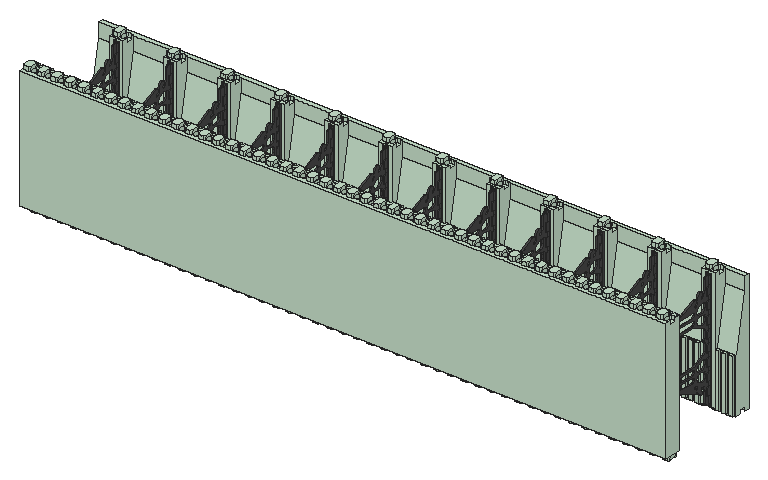
Revit family (continued)
Forms (in)
  Extrusion 172, solid, material "NUDURA Expanded Polystyrene Foam Insulation"
    sketch origin (0, 0, 0) x (1, 0, 0) y (0, 1, 0)
      loop
        line (6.28117, 3.25) -> (6.21883, 3) -> (6.78117, 3) -> (6.71883, 3.25) -> (6.28117, 3.25)
      loop
        line (7.28117, 3.25) -> (7.21883, 3) -> (7.78117, 3) -> (7.71883, 3.25) -> (7.28117, 3.25)
      loop
        line (8.28117, 3.25) -> (8.21883, 3) -> (8.78117, 3) -> (8.71883, 3.25) -> (8.28117, 3.25)
      loop
        line (9.28117, 3.25) -> (9.21883, 3) -> (9.78117, 3) -> (9.71883, 3.25) -> (9.28117, 3.25)
      loop
        line (10.28117, 3.25) -> (10.21883, 3) -> (10.78117, 3) -> (10.71883, 3.25) -> (10.28117, 3.25)
      loop
        line (13.28117, 3.25) -> (13.21883, 3) -> (13.78117, 3) -> (13.71883, 3.25) -> (13.28117, 3.25)
      loop
        line (14.28117, 3.25) -> (14.21883, 3) -> (14.78117, 3) -> (14.71883, 3.25) -> (14.28117, 3.25)
      loop
        line (15.28117, 3.25) -> (15.21883, 3) -> (15.78117, 3) -> (15.71883, 3.25) -> (15.28117, 3.25)
      loop
        line (16.28117, 3.25) -> (16.21883, 3) -> (16.78117, 3) -> (16.71883, 3.25) -> (16.28117, 3.25)
      loop
        line (17.28117, 3.25) -> (17.21883, 3) -> (17.78117, 3) -> (17.71883, 3.25) -> (17.28117, 3.25)
      loop
        line (18.28117, 3.25) -> (18.21883, 3) -> (18.78117, 3) -> (18.71883, 3.25) -> (18.28117, 3.25)
      loop
        line (21.28117, 3.25) -> (21.21883, 3) -> (21.78117, 3) -> (21.71883, 3.25) -> (21.28117, 3.25)
      loop
        line (22.28117, 3.25) -> (22.21883, 3) -> (22.78117, 3) -> (22.71883, 3.25) -> (22.28117, 3.25)
      loop
        line (23.28117, 3.25) -> (23.21883, 3) -> (23.78117, 3) -> (23.71883, 3.25) -> (23.28117, 3.25)
      loop
        line (24.28117, 3.25) -> (24.21883, 3) -> (24.78117, 3) -> (24.71883, 3.25) -> (24.28117, 3.25)
      loop
        line (25.28117, 3.25) -> (25.21883, 3) -> (25.78117, 3) -> (25.71883, 3.25) -> (25.28117, 3.25)
      loop
        line (26.28117, 3.25) -> (26.21883, 3) -> (26.78117, 3) -> (26.71883, 3.25) -> (26.28117, 3.25)
      loop
        line (29.28117, 3.25) -> (29.21883, 3) -> (29.78117, 3) -> (29.71883, 3.25) -> (29.28117, 3.25)
      loop
        line (30.28117, 3.25) -> (30.21883, 3) -> (30.78117, 3) -> (30.71883, 3.25) -> (30.28117, 3.25)
      loop
        line (31.28117, 3.25) -> (31.21883, 3) -> (31.78117, 3) -> (31.71883, 3.25) -> (31.28117, 3.25)
      loop
        line (32.28117, 3.25) -> (32.21883, 3) -> (32.78117, 3) -> (32.71883, 3.25) -> (32.28117, 3.25)
      loop
        line (33.28117, 3.25) -> (33.21883, 3) -> (33.78117, 3) -> (33.71883, 3.25) -> (33.28117, 3.25)
      loop
        line (34.28117, 3.25) -> (34.21883, 3) -> (34.78117, 3) -> (34.71883, 3.25) -> (34.28117, 3.25)
      loop
        line (37.28117, 3.25) -> (37.21883, 3) -> (37.78117, 3) -> (37.71883, 3.25) -> (37.28117, 3.25)
      loop
        line (38.28117, 3.25) -> (38.21883, 3) -> (38.78117, 3) -> (38.71883, 3.25) -> (38.28117, 3.25)
      loop
        line (39.28117, 3.25) -> (39.21883, 3) -> (39.78117, 3) -> (39.71883, 3.25) -> (39.28117, 3.25)
      loop
        line (40.28117, 3.25) -> (40.21883, 3) -> (40.78117, 3) -> (40.71883, 3.25) -> (40.28117, 3.25)
      loop
        line (41.28117, 3.25) -> (41.21883, 3) -> (41.78117, 3) -> (41.71883, 3.25) -> (41.28117, 3.25)
      loop
        line (42.28117, 3.25) -> (42.21883, 3) -> (42.78117, 3) -> (42.71883, 3.25) -> (42.28117, 3.25)
      loop
        line (45.28117, 3.25) -> (45.21883, 3) -> (45.78117, 3) -> (45.71883, 3.25) -> (45.28117, 3.25)
      loop
        line (46.28117, 3.25) -> (46.21883, 3) -> (46.78117, 3) -> (46.71883, 3.25) -> (46.28117, 3.25)
      loop
        line (47.28117, 3.25) -> (47.21883, 3) -> (47.78117, 3) -> (47.71883, 3.25) -> (47.28117, 3.25)
      loop
        line (48.28117, 3.25) -> (48.21883, 3) -> (48.78117, 3) -> (48.71883, 3.25) -> (48.28117, 3.25)
      loop
        line (49.28117, 3.25) -> (49.21883, 3) -> (49.78117, 3) -> (49.71883, 3.25) -> (49.28117, 3.25)
      loop
        line (50.28117, 3.25) -> (50.21883, 3) -> (50.78117, 3) -> (50.71883, 3.25) -> (50.28117, 3.25)
      loop
        line (53.28117, 3.25) -> (53.21883, 3) -> (53.78117, 3) -> (53.71883, 3.25) -> (53.28117, 3.25)
      loop
        line (54.28117, 3.25) -> (54.21883, 3) -> (54.78117, 3) -> (54.71883, 3.25) -> (54.28117, 3.25)
      loop
        line (55.28117, 3.25) -> (55.21883, 3) -> (55.78117, 3) -> (55.71883, 3.25) -> (55.28117, 3.25)
      loop
        line (56.28117, 3.25) -> (56.21883, 3) -> (56.78117, 3) -> (56.71883, 3.25) -> (56.28117, 3.25)
      loop
        line (57.28117, 3.25) -> (57.21883, 3) -> (57.78117, 3) -> (57.71883, 3.25) -> (57.28117, 3.25)
      loop
        line (58.28117, 3.25) -> (58.21883, 3) -> (58.78117, 3) -> (58.71883, 3.25) -> (58.28117, 3.25)
      loop
        line (61.28117, 3.25) -> (61.21883, 3) -> (61.78117, 3) -> (61.71883, 3.25) -> (61.28117, 3.25)
      loop
        line (62.28117, 3.25) -> (62.21883, 3) -> (62.78117, 3) -> (62.71883, 3.25) -> (62.28117, 3.25)
      loop
        line (63.28117, 3.25) -> (63.21883, 3) -> (63.78117, 3) -> (63.71883, 3.25) -> (63.28117, 3.25)
      loop
        line (64.28117, 3.25) -> (64.21883, 3) -> (64.78117, 3) -> (64.71883, 3.25) -> (64.28117, 3.25)
      loop
        line (65.28117, 3.25) -> (65.21883, 3) -> (65.78117, 3) -> (65.71883, 3.25) -> (65.28117, 3.25)
      loop
        line (66.28117, 3.25) -> (66.21883, 3) -> (66.78117, 3) -> (66.71883, 3.25) -> (66.28117, 3.25)
      loop
        line (69.28117, 3.25) -> (69.21883, 3) -> (69.78117, 3) -> (69.71883, 3.25) -> (69.28117, 3.25)
      loop
        line (70.28117, 3.25) -> (70.21883, 3) -> (70.78117, 3) -> (70.71883, 3.25) -> (70.28117, 3.25)
      loop
        line (71.28117, 3.25) -> (71.21883, 3) -> (71.78117, 3) -> (71.71883, 3.25) -> (71.28117, 3.25)
      loop
        line (72.28117, 3.25) -> (72.21883, 3) -> (72.78117, 3) -> (72.71883, 3.25) -> (72.28117, 3.25)
      loop
        line (73.28117, 3.25) -> (73.21883, 3) -> (73.78117, 3) -> (73.71883, 3.25) -> (73.28117, 3.25)
      loop
        line (74.28117, 3.25) -> (74.21883, 3) -> (74.78117, 3) -> (74.71883, 3.25) -> (74.28117, 3.25)
      loop
        line (77.28117, 3.25) -> (77.21883, 3) -> (77.78117, 3) -> (77.71883, 3.25) -> (77.28117, 3.25)
      loop
        line (78.28117, 3.25) -> (78.21883, 3) -> (78.78117, 3) -> (78.71883, 3.25) -> (78.28117, 3.25)
      loop
        line (79.28117, 3.25) -> (79.21883, 3) -> (79.78117, 3) -> (79.71883, 3.25) -> (79.28117, 3.25)
      loop
        line (80.28117, 3.25) -> (80.21883, 3) -> (80.78117, 3) -> (80.71883, 3.25) -> (80.28117, 3.25)
      loop
        line (81.28117, 3.25) -> (81.21883, 3) -> (81.78117, 3) -> (81.71883, 3.25) -> (81.28117, 3.25)
      loop
        line (82.28117, 3.25) -> (82.21883, 3) -> (82.78117, 3) -> (82.71883, 3.25) -> (82.28117, 3.25)
      loop
        line (85.28117, 3.25) -> (85.21883, 3) -> (85.78117, 3) -> (85.71883, 3.25) -> (85.28117, 3.25)
      loop
        line (86.28117, 3.25) -> (86.21883, 3) -> (86.78117, 3) -> (86.71883, 3.25) -> (86.28117, 3.25)
      loop
        line (87.28117, 3.25) -> (87.21883, 3) -> (87.78117, 3) -> (87.71883, 3.25) -> (87.28117, 3.25)
      loop
        line (88.28117, 3.25) -> (88.21883, 3) -> (88.78117, 3) -> (88.71883, 3.25) -> (88.28117, 3.25)
      loop
        line (89.28117, 3.25) -> (89.21883, 3) -> (89.78117, 3) -> (89.71883, 3.25) -> (89.28117, 3.25)
      loop
        line (90.28117, 3.25) -> (90.21883, 3) -> (90.78117, 3) -> (90.71883, 3.25) -> (90.28117, 3.25)
      loop
        line (93.28117, 3.25) -> (93.21883, 3) -> (93.78117, 3) -> (93.71883, 3.25) -> (93.28117, 3.25)
      loop
        line (94.28117, 3.25) -> (94.21883, 3) -> (94.78117, 3) -> (94.71883, 3.25) -> (94.28117, 3.25)
      loop
        line (95.28117, 3.25) -> (95.21883, 3) -> (95.78117, 3) -> (95.71883, 3.25) -> (95.28117, 3.25)
    from 0 to 8
Cuts and joins
  Extrusion 2, Extrusion 3, Extrusion 4, Extrusion 5, Extrusion 6, Extrusion 7, Extrusion 8, Extrusion 9, Extrusion 10, Extrusion 11, Extrusion 12, Extrusion 13, Extrusion 14, Extrusion 15, Extrusion 16, Extrusion 17, Extrusion 18, Extrusion 19, Extrusion 20, Extrusion 21, Extrusion 22, Extrusion 23, Extrusion 24, Extrusion 25, Extrusion 26, Extrusion 27, Extrusion 28, Extrusion 29, Extrusion 30, Extrusion 31, Extrusion 32, Extrusion 33, Extrusion 34, Extrusion 35, Extrusion 36, Extrusion 37, Extrusion 38, Extrusion 39, Extrusion 40, Extrusion 41, Extrusion 42, Extrusion 43, Extrusion 44, Extrusion 45, Extrusion 46, Extrusion 47, Extrusion 48, Extrusion 49, Extrusion 50, Extrusion 51, Extrusion 52, Extrusion 53, Extrusion 54, Extrusion 55, Extrusion 56, Extrusion 57, Extrusion 58, Extrusion 59, Extrusion 60, Extrusion 61, Extrusion 62, Extrusion 63, Extrusion 64, Extrusion 65, Extrusion 66, Extrusion 67, Extrusion 68, Extrusion 69, Extrusion 70, Extrusion 71, Extrusion 72, Extrusion 73, Extrusion 74, Extrusion 75, Extrusion 76, Extrusion 77, Extrusion 78, Extrusion 79, Extrusion 80, Extrusion 81, Extrusion 82, Extrusion 83, Extrusion 84, Extrusion 85, Extrusion 86, Extrusion 87, Extrusion 88, Extrusion 89, Extrusion 90, Extrusion 91, Extrusion 92, Extrusion 93, Extrusion 94, Extrusion 95, Extrusion 96, Extrusion 97, Extrusion 98, Extrusion 99, Extrusion 100, Extrusion 101, Extrusion 102, Extrusion 103, Extrusion 104, Extrusion 105, Extrusion 106, Extrusion 107, Extrusion 108, Extrusion 109, Extrusion 110, Extrusion 111, Extrusion 112, Extrusion 113, Extrusion 114, Extrusion 115, Extrusion 116, Extrusion 117, Extrusion 118, Extrusion 119, Extrusion 120, Extrusion 121, Extrusion 122, Extrusion 123, Extrusion 124, Extrusion 125, Extrusion 126, Extrusion 127, Extrusion 128, Extrusion 129, Extrusion 130, Extrusion 131, Extrusion 132, Extrusion 133, Extrusion 134, Extrusion 135, Extrusion 136, Extrusion 137, Extrusion 138, Extrusion 139, Extrusion 140, Extrusion 141, Extrusion 142, Extrusion 143, Extrusion 144, Extrusion 145, Extrusion 146, Extrusion 147, Extrusion 148, Extrusion 149, Extrusion 150, Extrusion 151, Extrusion 152, Extrusion 153, Extrusion 154, Extrusion 155, Extrusion 156, Extrusion 157 cuts Extrusion 1
  Extrusion 50, Extrusion 51, Extrusion 52, Extrusion 53, Extrusion 54, Extrusion 55, Extrusion 56, Extrusion 57, Extrusion 58, Extrusion 59, Extrusion 60, Extrusion 61, Extrusion 110, Extrusion 111, Extrusion 112, Extrusion 113, Extrusion 114, Extrusion 115, Extrusion 116, Extrusion 117, Extrusion 118, Extrusion 119, Extrusion 120, Extrusion 121, Extrusion 122, Extrusion 123, Extrusion 124, Extrusion 125, Extrusion 126, Extrusion 127, Extrusion 128, Extrusion 129, Extrusion 130, Extrusion 131, Extrusion 132, Extrusion 133, Extrusion 134, Extrusion 135, Extrusion 136, Extrusion 137, Extrusion 138, Extrusion 139, Extrusion 140, Extrusion 141, Extrusion 142, Extrusion 143, Extrusion 144, Extrusion 145, Extrusion 146, Extrusion 147, Extrusion 148, Extrusion 149, Extrusion 150, Extrusion 151, Extrusion 152, Extrusion 153, Extrusion 154, Extrusion 155, Extrusion 156, Extrusion 157 cuts Extrusion 158
  Extrusion 61 cuts Extrusion 159
  Extrusion 60 cuts Extrusion 160
  Extrusion 59 cuts Extrusion 161
  Extrusion 58 cuts Extrusion 162
  Extrusion 57 cuts Extrusion 163
  Extrusion 56 cuts Extrusion 164
  Extrusion 55 cuts Extrusion 165
  Extrusion 54 cuts Extrusion 166
  Extrusion 53 cuts Extrusion 167
  Extrusion 53 cuts Extrusion 168
  Extrusion 52 cuts Extrusion 169
  Extrusion 51 cuts Extrusion 170
  Extrusion 50 cuts Extrusion 171
  joined: Extrusion 158, Extrusion 159, Extrusion 160, Extrusion 161, Extrusion 162, Extrusion 163, Extrusion 164, Extrusion 165, Extrusion 166, Extrusion 167, Extrusion 168, Extrusion 169, Extrusion 170, Extrusion 171, Extrusion 172
Lines and regions (in)
  model lines
    curve 1: line (8, -9.625, 18) -> (8, -9.625, 0)
    curve 2: line (88, 5.625, 18) -> (88, 5.625, 0)
    curve 3: line (64, 5.625, 18) -> (64, 5.625, 0)
    curve 4: line (40, 5.625, 18) -> (40, 5.625, 0)
    curve 5: line (16, 5.625, 18) -> (16, 5.625, 0)
Dimensions and locks (in)
  locked: plane 3 "Center (Left/Right)" to plane 4 at 96
  locked: plane 5 to plane 7 at 2.625
  locked: plane 8 to plane 6 at 2.625
  locked: plane 9 to level at 18
  locked: plane 4 to plane 3 "Center (Left/Right)" at 96
  locked: plane 9 to plane 10 at 0.5
  locked: plane 11 to level at 0.5
  locked: plane 6 to plane 5 at 10
  aligned and locked: plane 9 to Extrusion 1
  aligned and locked: Extrusion 1 to plane 3 "Center (Left/Right)"
  aligned and locked: plane 4 to Extrusion 1
  aligned and locked: level to Extrusion 1
  aligned and locked: nested 1 to plane 8
  aligned and locked: nested 124 to cut or joined group 1 (Extrusion 1, Extrusion 2, Extrusion 3, Extrusion 4, Extrusion 5, Extrusion 6, Extrusion 7, Extrusion 8, Extrusion 9, Extrusion 10, Extrusion 11, Extrusion 12, Extrusion 13, Extrusion 14, Extrusion 15, Extrusion 16, Extrusion 17, Extrusion 18, Extrusion 19, Extrusion 20, Extrusion 21, Extrusion 22, Extrusion 23, Extrusion 24, Extrusion 25, Extrusion 26, Extrusion 27, Extrusion 28, Extrusion 29, Extrusion 30, Extrusion 31, Extrusion 32, Extrusion 33, Extrusion 34, Extrusion 35, Extrusion 36, Extrusion 37, Extrusion 38, Extrusion 39, Extrusion 40, Extrusion 41, Extrusion 42, Extrusion 43, Extrusion 44, Extrusion 45, Extrusion 46, Extrusion 47, Extrusion 48, Extrusion 49, Extrusion 50, Extrusion 51, Extrusion 52, Extrusion 53, Extrusion 54, Extrusion 55, Extrusion 56, Extrusion 57, Extrusion 58, Extrusion 59, Extrusion 60, Extrusion 61, Extrusion 62, Extrusion 63, Extrusion 64, Extrusion 65, Extrusion 66, Extrusion 67, Extrusion 68, Extrusion 69, Extrusion 70, Extrusion 71, Extrusion 72, Extrusion 73, Extrusion 74, Extrusion 75, Extrusion 76, Extrusion 77, Extrusion 78, Extrusion 79, Extrusion 80, Extrusion 81, Extrusion 82, Extrusion 83, Extrusion 84, Extrusion 85, Extrusion 86, Extrusion 87, Extrusion 88, Extrusion 89, Extrusion 90, Extrusion 91, Extrusion 92, Extrusion 93, Extrusion 94, Extrusion 95, Extrusion 96, Extrusion 97, Extrusion 98, Extrusion 99, Extrusion 100, Extrusion 101, Extrusion 102, Extrusion 103, Extrusion 104, Extrusion 105, Extrusion 106, Extrusion 107, Extrusion 108, Extrusion 109, Extrusion 110, Extrusion 111, Extrusion 112, Extrusion 113, Extrusion 114, Extrusion 115, Extrusion 116, Extrusion 117, Extrusion 118, Extrusion 119, Extrusion 120, Extrusion 121, Extrusion 122, Extrusion 123, Extrusion 124, Extrusion 125, Extrusion 126, Extrusion 127, Extrusion 128, Extrusion 129, Extrusion 130, Extrusion 131, Extrusion 132, Extrusion 133, Extrusion 134, Extrusion 135, Extrusion 136, Extrusion 137, Extrusion 138, Extrusion 139, Extrusion 140, Extrusion 141, Extrusion 142, Extrusion 143, Extrusion 144, Extrusion 145, Extrusion 146, Extrusion 147, Extrusion 148, Extrusion 149, Extrusion 150, Extrusion 151, Extrusion 152, Extrusion 153, Extrusion 154, Extrusion 155, Extrusion 156, Extrusion 157)
  aligned and locked: nested 269 to cut or joined group 1
  aligned and locked: cut or joined group 1 to nested 270
  aligned and locked: cut or joined group 1 to nested 271
  aligned and locked: cut or joined group 1 to nested 272
Nested families (in)
  nested 1: "NUDURA Diamond Pattern" at (0, -4, 0), type "NUDURA Diamond Pattern"
  nested 2: "NUDURA Diamond Pattern" at (16, -4, 0), type "NUDURA Diamond Pattern"
  nested 3: "NUDURA Diamond Pattern" at (24, -4, 0), type "NUDURA Diamond Pattern"
  nested 4: "NUDURA Diamond Pattern" at (40, -4, 0), type "NUDURA Diamond Pattern"
  nested 5: "NUDURA Diamond Pattern" at (48, -4, 0), type "NUDURA Diamond Pattern"
  nested 6: "NUDURA Diamond Pattern" at (64, -4, 0), type "NUDURA Diamond Pattern"
  nested 7: "NUDURA Diamond Pattern" at (72, -4, 0), type "NUDURA Diamond Pattern"
  nested 8: "NUDURA Diamond Pattern" at (88, -4, 0), type "NUDURA Diamond Pattern"
  nested 9: "NUDURA Diamond Pattern" at (0, 0, 0), type "NUDURA Diamond Pattern"
  nested 10: "NUDURA Diamond Pattern" at (16, 0, 0), type "NUDURA Diamond Pattern"
  nested 11: "NUDURA Diamond Pattern" at (24, 0, 0), type "NUDURA Diamond Pattern"
  nested 12: "NUDURA Diamond Pattern" at (40, 0, 0), type "NUDURA Diamond Pattern"
  nested 13: "NUDURA Diamond Pattern" at (48, 0, 0), type "NUDURA Diamond Pattern"
  nested 14: "NUDURA Diamond Pattern" at (64, 0, 0), type "NUDURA Diamond Pattern"
  nested 15: "NUDURA Diamond Pattern" at (72, 0, 0), type "NUDURA Diamond Pattern"
  nested 16: "NUDURA Diamond Pattern" at (88, 0, 0), type "NUDURA Diamond Pattern"
  nested 17: "Interlock Tooth" at (0, -4, 0), type "Interlock Tooth"
  nested 18: "Interlock Tooth" at (2, -4, 0), type "Interlock Tooth"
  nested 19: "Interlock Tooth" at (4, -4, 0), type "Interlock Tooth"
  nested 20: "Interlock Tooth" at (6, -4, 0), type "Interlock Tooth"
  nested 21: "Interlock Tooth" at (8, -4, 0), type "Interlock Tooth"
  nested 22: "Interlock Tooth" at (10, -4, 0), type "Interlock Tooth"
  nested 23: "Interlock Tooth" at (12, -4, 0), type "Interlock Tooth"
  nested 24: "Interlock Tooth" at (14, -4, 0), type "Interlock Tooth"
  nested 25: "Interlock Tooth" at (16, -4, 0), type "Interlock Tooth"
  nested 26: "Interlock Tooth" at (18, -4, 0), type "Interlock Tooth"
  nested 27: "Interlock Tooth" at (20, -4, 0), type "Interlock Tooth"
  nested 28: "Interlock Tooth" at (22, -4, 0), type "Interlock Tooth"
  nested 29: "Interlock Tooth" at (24, -4, 0), type "Interlock Tooth"
  nested 30: "Interlock Tooth" at (26, -4, 0), type "Interlock Tooth"
  nested 31: "Interlock Tooth" at (28, -4, 0), type "Interlock Tooth"
  nested 32: "Interlock Tooth" at (30, -4, 0), type "Interlock Tooth"
  nested 33: "Interlock Tooth" at (32, -4, 0), type "Interlock Tooth"
  nested 34: "Interlock Tooth" at (34, -4, 0), type "Interlock Tooth"
  nested 35: "Interlock Tooth" at (36, -4, 0), type "Interlock Tooth"
  nested 36: "Interlock Tooth" at (38, -4, 0), type "Interlock Tooth"
  nested 37: "Interlock Tooth" at (40, -4, 0), type "Interlock Tooth"
  nested 38: "Interlock Tooth" at (42, -4, 0), type "Interlock Tooth"
  nested 39: "Interlock Tooth" at (44, -4, 0), type "Interlock Tooth"
  nested 40: "Interlock Tooth" at (46, -4, 0), type "Interlock Tooth"
  nested 41: "Interlock Tooth" at (48, -4, 0), type "Interlock Tooth"
  nested 42: "Interlock Tooth" at (50, -4, 0), type "Interlock Tooth"
  nested 43: "Interlock Tooth" at (52, -4, 0), type "Interlock Tooth"
  nested 44: "Interlock Tooth" at (54, -4, 0), type "Interlock Tooth"
  nested 45: "Interlock Tooth" at (56, -4, 0), type "Interlock Tooth"
  nested 46: "Interlock Tooth" at (58, -4, 0), type "Interlock Tooth"
  nested 47: "Interlock Tooth" at (60, -4, 0), type "Interlock Tooth"
  nested 48: "Interlock Tooth" at (62, -4, 0), type "Interlock Tooth"
  nested 49: "Interlock Tooth" at (64, -4, 0), type "Interlock Tooth"
  nested 50: "Interlock Tooth" at (66, -4, 0), type "Interlock Tooth"
  nested 51: "Interlock Tooth" at (68, -4, 0), type "Interlock Tooth"
  nested 52: "Interlock Tooth" at (70, -4, 0), type "Interlock Tooth"
  nested 53: "Interlock Tooth" at (72, -4, 0), type "Interlock Tooth"
  nested 54: "Interlock Tooth" at (74, -4, 0), type "Interlock Tooth"
  nested 55: "Interlock Tooth" at (76, -4, 0), type "Interlock Tooth"
  nested 56: "Interlock Tooth" at (78, -4, 0), type "Interlock Tooth"
  nested 57: "Interlock Tooth" at (80, -4, 0), type "Interlock Tooth"
  nested 58: "Interlock Tooth" at (82, -4, 0), type "Interlock Tooth"
  nested 59: "Interlock Tooth" at (84, -4, 0), type "Interlock Tooth"
  nested 60: "Interlock Tooth" at (86, -4, 0), type "Interlock Tooth"
  nested 61: "Interlock Tooth" at (88, -4, 0), type "Interlock Tooth"
  nested 62: "Interlock Tooth" at (90, -4, 0), type "Interlock Tooth"
  nested 63: "Interlock Tooth" at (92, -4, 0), type "Interlock Tooth"
  nested 64: "Interlock Tooth" at (94, -4, 0), type "Interlock Tooth"
  nested 65: "Interlock Tooth" at (3, 8.875, 0), type "Interlock Tooth"
  nested 66: "Interlock Tooth" at (11, 8.875, 0), type "Interlock Tooth"
  nested 67: "Interlock Tooth" at (19, 8.875, 0), type "Interlock Tooth"
  nested 68: "Interlock Tooth" at (27, 8.875, 0), type "Interlock Tooth"
  nested 69: "Interlock Tooth" at (35, 8.875, 0), type "Interlock Tooth"
  nested 70: "Interlock Tooth" at (43, 8.875, 0), type "Interlock Tooth"
  nested 71: "Interlock Tooth" at (51, 8.875, 0), type "Interlock Tooth"
  nested 72: "Interlock Tooth" at (59, 8.875, 0), type "Interlock Tooth"
  nested 73: "Interlock Tooth" at (67, 8.875, 0), type "Interlock Tooth"
  nested 74: "Interlock Tooth" at (75, 8.875, 0), type "Interlock Tooth"
  nested 75: "Interlock Tooth" at (83, 8.875, 0), type "Interlock Tooth"
  nested 76: "Interlock Tooth" at (91, 8.875, 0), type "Interlock Tooth"
  nested 77: "Interlock Tooth" at (1, -12.875, -18.5), type "Interlock Tooth"
  nested 78: "Interlock Tooth" at (3, -12.875, -18.5), type "Interlock Tooth"
  nested 79: "Interlock Tooth" at (5, -12.875, -18.5), type "Interlock Tooth"
  nested 80: "Interlock Tooth" at (7, -12.875, -18.5), type "Interlock Tooth"
  nested 81: "Interlock Tooth" at (9, -12.875, -18.5), type "Interlock Tooth"
  nested 82: "Interlock Tooth" at (11, -12.875, -18.5), type "Interlock Tooth"
  nested 83: "Interlock Tooth" at (13, -12.875, -18.5), type "Interlock Tooth"
  nested 84: "Interlock Tooth" at (15, -12.875, -18.5), type "Interlock Tooth"
  nested 85: "Interlock Tooth" at (17, -12.875, -18.5), type "Interlock Tooth"
  nested 86: "Interlock Tooth" at (19, -12.875, -18.5), type "Interlock Tooth"
  nested 87: "Interlock Tooth" at (21, -12.875, -18.5), type "Interlock Tooth"
  nested 88: "Interlock Tooth" at (23, -12.875, -18.5), type "Interlock Tooth"
  nested 89: "Interlock Tooth" at (25, -12.875, -18.5), type "Interlock Tooth"
  nested 90: "Interlock Tooth" at (27, -12.875, -18.5), type "Interlock Tooth"
  nested 91: "Interlock Tooth" at (29, -12.875, -18.5), type "Interlock Tooth"
  nested 92: "Interlock Tooth" at (31, -12.875, -18.5), type "Interlock Tooth"
  nested 93: "Interlock Tooth" at (33, -12.875, -18.5), type "Interlock Tooth"
  nested 94: "Interlock Tooth" at (35, -12.875, -18.5), type "Interlock Tooth"
  nested 95: "Interlock Tooth" at (37, -12.875, -18.5), type "Interlock Tooth"
  nested 96: "Interlock Tooth" at (39, -12.875, -18.5), type "Interlock Tooth"
  nested 97: "Interlock Tooth" at (41, -12.875, -18.5), type "Interlock Tooth"
  nested 98: "Interlock Tooth" at (43, -12.875, -18.5), type "Interlock Tooth"
  nested 99: "Interlock Tooth" at (45, -12.875, -18.5), type "Interlock Tooth"
  nested 100: "Interlock Tooth" at (47, -12.875, -18.5), type "Interlock Tooth"
  nested 101: "Interlock Tooth" at (49, -12.875, -18.5), type "Interlock Tooth"
  nested 102: "Interlock Tooth" at (51, -12.875, -18.5), type "Interlock Tooth"
  nested 103: "Interlock Tooth" at (53, -12.875, -18.5), type "Interlock Tooth"
  nested 104: "Interlock Tooth" at (55, -12.875, -18.5), type "Interlock Tooth"
  nested 105: "Interlock Tooth" at (57, -12.875, -18.5), type "Interlock Tooth"
  nested 106: "Interlock Tooth" at (59, -12.875, -18.5), type "Interlock Tooth"
  nested 107: "Interlock Tooth" at (61, -12.875, -18.5), type "Interlock Tooth"
  nested 108: "Interlock Tooth" at (63, -12.875, -18.5), type "Interlock Tooth"
  nested 109: "Interlock Tooth" at (65, -12.875, -18.5), type "Interlock Tooth"
  nested 110: "Interlock Tooth" at (67, -12.875, -18.5), type "Interlock Tooth"
  nested 111: "Interlock Tooth" at (69, -12.875, -18.5), type "Interlock Tooth"
  nested 112: "Interlock Tooth" at (71, -12.875, -18.5), type "Interlock Tooth"
  nested 113: "Interlock Tooth" at (73, -12.875, -18.5), type "Interlock Tooth"
  nested 114: "Interlock Tooth" at (75, -12.875, -18.5), type "Interlock Tooth"
  nested 115: "Interlock Tooth" at (77, -12.875, -18.5), type "Interlock Tooth"
  nested 116: "Interlock Tooth" at (79, -12.875, -18.5), type "Interlock Tooth"
  nested 117: "Interlock Tooth" at (81, -12.875, -18.5), type "Interlock Tooth"
  nested 118: "Interlock Tooth" at (83, -12.875, -18.5), type "Interlock Tooth"
  nested 119: "Interlock Tooth" at (85, -12.875, -18.5), type "Interlock Tooth"
  nested 120: "Interlock Tooth" at (87, -12.875, -18.5), type "Interlock Tooth"
  nested 121: "Interlock Tooth" at (89, -12.875, -18.5), type "Interlock Tooth"
  nested 122: "Interlock Tooth" at (91, -12.875, -18.5), type "Interlock Tooth"
  nested 123: "Interlock Tooth" at (93, -12.875, -18.5), type "Interlock Tooth"
  nested 124: "Interlock Tooth" at (95, -12.875, -18.5), type "Interlock Tooth"
  nested 125: "Interlock Tooth" at (0, 0, -18.5), type "Interlock Tooth"
  nested 126: "Interlock Tooth" at (2, 0, -18.5), type "Interlock Tooth"
  nested 127: "Interlock Tooth" at (4, 0, -18.5), type "Interlock Tooth"
  nested 128: "Interlock Tooth" at (6, 0, -18.5), type "Interlock Tooth"
  nested 129: "Interlock Tooth" at (8, 0, -18.5), type "Interlock Tooth"
  nested 130: "Interlock Tooth" at (10, 0, -18.5), type "Interlock Tooth"
  nested 131: "Interlock Tooth" at (12, 0, -18.5), type "Interlock Tooth"
  nested 132: "Interlock Tooth" at (14, 0, -18.5), type "Interlock Tooth"
  nested 133: "Interlock Tooth" at (16, 0, -18.5), type "Interlock Tooth"
  nested 134: "Interlock Tooth" at (18, 0, -18.5), type "Interlock Tooth"
  nested 135: "Interlock Tooth" at (20, 0, -18.5), type "Interlock Tooth"
  nested 136: "Interlock Tooth" at (22, 0, -18.5), type "Interlock Tooth"
  nested 137: "Interlock Tooth" at (24, 0, -18.5), type "Interlock Tooth"
  nested 138: "Interlock Tooth" at (26, 0, -18.5), type "Interlock Tooth"
  nested 139: "Interlock Tooth" at (28, 0, -18.5), type "Interlock Tooth"
  nested 140: "Interlock Tooth" at (30, 0, -18.5), type "Interlock Tooth"
  nested 141: "Interlock Tooth" at (32, 0, -18.5), type "Interlock Tooth"
  nested 142: "Interlock Tooth" at (34, 0, -18.5), type "Interlock Tooth"
  nested 143: "Interlock Tooth" at (36, 0, -18.5), type "Interlock Tooth"
  nested 144: "Interlock Tooth" at (38, 0, -18.5), type "Interlock Tooth"
  nested 145: "Interlock Tooth" at (40, 0, -18.5), type "Interlock Tooth"
  nested 146: "Interlock Tooth" at (42, 0, -18.5), type "Interlock Tooth"
  nested 147: "Interlock Tooth" at (44, 0, -18.5), type "Interlock Tooth"
  nested 148: "Interlock Tooth" at (46, 0, -18.5), type "Interlock Tooth"
  nested 149: "Interlock Tooth" at (48, 0, -18.5), type "Interlock Tooth"
  nested 150: "Interlock Tooth" at (50, 0, -18.5), type "Interlock Tooth"
  nested 151: "Interlock Tooth" at (52, 0, -18.5), type "Interlock Tooth"
  nested 152: "Interlock Tooth" at (54, 0, -18.5), type "Interlock Tooth"
  nested 153: "Interlock Tooth" at (56, 0, -18.5), type "Interlock Tooth"
  nested 154: "Interlock Tooth" at (58, 0, -18.5), type "Interlock Tooth"
  nested 155: "Interlock Tooth" at (60, 0, -18.5), type "Interlock Tooth"
  nested 156: "Interlock Tooth" at (62, 0, -18.5), type "Interlock Tooth"
  nested 157: "Interlock Tooth" at (64, 0, -18.5), type "Interlock Tooth"
  nested 158: "Interlock Tooth" at (66, 0, -18.5), type "Interlock Tooth"
  nested 159: "Interlock Tooth" at (68, 0, -18.5), type "Interlock Tooth"
  nested 160: "Interlock Tooth" at (70, 0, -18.5), type "Interlock Tooth"
  nested 161: "Interlock Tooth" at (72, 0, -18.5), type "Interlock Tooth"
  nested 162: "Interlock Tooth" at (74, 0, -18.5), type "Interlock Tooth"
  nested 163: "Interlock Tooth" at (76, 0, -18.5), type "Interlock Tooth"
  nested 164: "Interlock Tooth" at (78, 0, -18.5), type "Interlock Tooth"
  nested 165: "Interlock Tooth" at (80, 0, -18.5), type "Interlock Tooth"
  nested 166: "Interlock Tooth" at (82, 0, -18.5), type "Interlock Tooth"
  nested 167: "Interlock Tooth" at (84, 0, -18.5), type "Interlock Tooth"
  nested 168: "Interlock Tooth" at (86, 0, -18.5), type "Interlock Tooth"
  nested 169: "Interlock Tooth" at (88, 0, -18.5), type "Interlock Tooth"
  nested 170: "Interlock Tooth" at (90, 0, -18.5), type "Interlock Tooth"
  nested 171: "Interlock Tooth" at (92, 0, -18.5), type "Interlock Tooth"
  nested 172: "Interlock Tooth" at (94, 0, -18.5), type "Interlock Tooth"
  nested 173: "Interlock Tooth" at (0, 0, 0), type "Interlock Tooth", not visible
  nested 174: "Interlock Tooth" at (2, 0, 0), type "Interlock Tooth", not visible
  nested 175: "Interlock Tooth" at (4, 0, 0), type "Interlock Tooth", not visible
  nested 176: "Interlock Tooth" at (6, 0, 0), type "Interlock Tooth", not visible
  nested 177: "Interlock Tooth" at (8, 0, 0), type "Interlock Tooth", not visible
  nested 178: "Interlock Tooth" at (10, 0, 0), type "Interlock Tooth", not visible
  nested 179: "Interlock Tooth" at (12, 0, 0), type "Interlock Tooth", not visible
  nested 180: "Interlock Tooth" at (14, 0, 0), type "Interlock Tooth", not visible
  nested 181: "Interlock Tooth" at (16, 0, 0), type "Interlock Tooth", not visible
  nested 182: "Interlock Tooth" at (18, 0, 0), type "Interlock Tooth", not visible
  nested 183: "Interlock Tooth" at (20, 0, 0), type "Interlock Tooth", not visible
  nested 184: "Interlock Tooth" at (22, 0, 0), type "Interlock Tooth", not visible
  nested 185: "Interlock Tooth" at (24, 0, 0), type "Interlock Tooth", not visible
  nested 186: "Interlock Tooth" at (26, 0, 0), type "Interlock Tooth", not visible
  nested 187: "Interlock Tooth" at (28, 0, 0), type "Interlock Tooth", not visible
  nested 188: "Interlock Tooth" at (30, 0, 0), type "Interlock Tooth", not visible
  nested 189: "Interlock Tooth" at (32, 0, 0), type "Interlock Tooth", not visible
  nested 190: "Interlock Tooth" at (34, 0, 0), type "Interlock Tooth", not visible
  nested 191: "Interlock Tooth" at (36, 0, 0), type "Interlock Tooth", not visible
  nested 192: "Interlock Tooth" at (38, 0, 0), type "Interlock Tooth", not visible
  nested 193: "Interlock Tooth" at (40, 0, 0), type "Interlock Tooth", not visible
  nested 194: "Interlock Tooth" at (42, 0, 0), type "Interlock Tooth", not visible
  nested 195: "Interlock Tooth" at (44, 0, 0), type "Interlock Tooth", not visible
  nested 196: "Interlock Tooth" at (46, 0, 0), type "Interlock Tooth", not visible
  nested 197: "Interlock Tooth" at (48, 0, 0), type "Interlock Tooth", not visible
  nested 198: "Interlock Tooth" at (50, 0, 0), type "Interlock Tooth", not visible
  nested 199: "Interlock Tooth" at (52, 0, 0), type "Interlock Tooth", not visible
  nested 200: "Interlock Tooth" at (54, 0, 0), type "Interlock Tooth", not visible
  nested 201: "Interlock Tooth" at (56, 0, 0), type "Interlock Tooth", not visible
  nested 202: "Interlock Tooth" at (58, 0, 0), type "Interlock Tooth", not visible
  nested 203: "Interlock Tooth" at (60, 0, 0), type "Interlock Tooth", not visible
  nested 204: "Interlock Tooth" at (62, 0, 0), type "Interlock Tooth", not visible
  nested 205: "Interlock Tooth" at (64, 0, 0), type "Interlock Tooth", not visible
  nested 206: "Interlock Tooth" at (66, 0, 0), type "Interlock Tooth", not visible
  nested 207: "Interlock Tooth" at (68, 0, 0), type "Interlock Tooth", not visible
  nested 208: "Interlock Tooth" at (70, 0, 0), type "Interlock Tooth", not visible
  nested 209: "Interlock Tooth" at (72, 0, 0), type "Interlock Tooth", not visible
  nested 210: "Interlock Tooth" at (74, 0, 0), type "Interlock Tooth", not visible
  nested 211: "Interlock Tooth" at (76, 0, 0), type "Interlock Tooth", not visible
  nested 212: "Interlock Tooth" at (78, 0, 0), type "Interlock Tooth", not visible
  nested 213: "Interlock Tooth" at (80, 0, 0), type "Interlock Tooth", not visible
  nested 214: "Interlock Tooth" at (82, 0, 0), type "Interlock Tooth", not visible
  nested 215: "Interlock Tooth" at (84, 0, 0), type "Interlock Tooth", not visible
  nested 216: "Interlock Tooth" at (86, 0, 0), type "Interlock Tooth", not visible
  nested 217: "Interlock Tooth" at (88, 0, 0), type "Interlock Tooth", not visible
  nested 218: "Interlock Tooth" at (90, 0, 0), type "Interlock Tooth", not visible
  nested 219: "Interlock Tooth" at (92, 0, 0), type "Interlock Tooth", not visible
  nested 220: "Interlock Tooth" at (94, 0, 0), type "Interlock Tooth", not visible
  nested 221: "Interlock Tooth" at (1, 8.875, 0), type "Interlock Tooth", not visible
  nested 222: "Interlock Tooth" at (3, 8.875, 0), type "Interlock Tooth", not visible
  nested 223: "Interlock Tooth" at (5, 8.875, 0), type "Interlock Tooth", not visible
  nested 224: "Interlock Tooth" at (7, 8.875, 0), type "Interlock Tooth", not visible
  nested 225: "Interlock Tooth" at (9, 8.875, 0), type "Interlock Tooth", not visible
  nested 226: "Interlock Tooth" at (11, 8.875, 0), type "Interlock Tooth", not visible
  nested 227: "Interlock Tooth" at (13, 8.875, 0), type "Interlock Tooth", not visible
  nested 228: "Interlock Tooth" at (15, 8.875, 0), type "Interlock Tooth", not visible
  nested 229: "Interlock Tooth" at (17, 8.875, 0), type "Interlock Tooth", not visible
  nested 230: "Interlock Tooth" at (19, 8.875, 0), type "Interlock Tooth", not visible
  nested 231: "Interlock Tooth" at (21, 8.875, 0), type "Interlock Tooth", not visible
  nested 232: "Interlock Tooth" at (23, 8.875, 0), type "Interlock Tooth", not visible
  nested 233: "Interlock Tooth" at (25, 8.875, 0), type "Interlock Tooth", not visible
  nested 234: "Interlock Tooth" at (27, 8.875, 0), type "Interlock Tooth", not visible
  nested 235: "Interlock Tooth" at (29, 8.875, 0), type "Interlock Tooth", not visible
  nested 236: "Interlock Tooth" at (31, 8.875, 0), type "Interlock Tooth", not visible
  nested 237: "Interlock Tooth" at (33, 8.875, 0), type "Interlock Tooth", not visible
  nested 238: "Interlock Tooth" at (35, 8.875, 0), type "Interlock Tooth", not visible
  nested 239: "Interlock Tooth" at (37, 8.875, 0), type "Interlock Tooth", not visible
  nested 240: "Interlock Tooth" at (39, 8.875, 0), type "Interlock Tooth", not visible
  nested 241: "Interlock Tooth" at (41, 8.875, 0), type "Interlock Tooth", not visible
  nested 242: "Interlock Tooth" at (43, 8.875, 0), type "Interlock Tooth", not visible
  nested 243: "Interlock Tooth" at (45, 8.875, 0), type "Interlock Tooth", not visible
  nested 244: "Interlock Tooth" at (47, 8.875, 0), type "Interlock Tooth", not visible
  nested 245: "Interlock Tooth" at (49, 8.875, 0), type "Interlock Tooth", not visible
  nested 246: "Interlock Tooth" at (51, 8.875, 0), type "Interlock Tooth", not visible
  nested 247: "Interlock Tooth" at (53, 8.875, 0), type "Interlock Tooth", not visible
  nested 248: "Interlock Tooth" at (55, 8.875, 0), type "Interlock Tooth", not visible
  nested 249: "Interlock Tooth" at (57, 8.875, 0), type "Interlock Tooth", not visible
  nested 250: "Interlock Tooth" at (59, 8.875, 0), type "Interlock Tooth", not visible
  nested 251: "Interlock Tooth" at (61, 8.875, 0), type "Interlock Tooth", not visible
  nested 252: "Interlock Tooth" at (63, 8.875, 0), type "Interlock Tooth", not visible
  nested 253: "Interlock Tooth" at (65, 8.875, 0), type "Interlock Tooth", not visible
  nested 254: "Interlock Tooth" at (67, 8.875, 0), type "Interlock Tooth", not visible
  nested 255: "Interlock Tooth" at (69, 8.875, 0), type "Interlock Tooth", not visible
  nested 256: "Interlock Tooth" at (71, 8.875, 0), type "Interlock Tooth", not visible
  nested 257: "Interlock Tooth" at (73, 8.875, 0), type "Interlock Tooth", not visible
  nested 258: "Interlock Tooth" at (75, 8.875, 0), type "Interlock Tooth", not visible
  nested 259: "Interlock Tooth" at (77, 8.875, 0), type "Interlock Tooth", not visible
  nested 260: "Interlock Tooth" at (79, 8.875, 0), type "Interlock Tooth", not visible
  nested 261: "Interlock Tooth" at (81, 8.875, 0), type "Interlock Tooth", not visible
  nested 262: "Interlock Tooth" at (83, 8.875, 0), type "Interlock Tooth", not visible
  nested 263: "Interlock Tooth" at (85, 8.875, 0), type "Interlock Tooth", not visible
  nested 264: "Interlock Tooth" at (87, 8.875, 0), type "Interlock Tooth", not visible
  nested 265: "Interlock Tooth" at (89, 8.875, 0), type "Interlock Tooth", not visible
  nested 266: "Interlock Tooth" at (91, 8.875, 0), type "Interlock Tooth", not visible
  nested 267: "Interlock Tooth" at (93, 8.875, 0), type "Interlock Tooth", not visible
  nested 268: "Interlock Tooth" at (95, 8.875, 0), type "Interlock Tooth", not visible
  nested 269: "NUDURA Logo Diamond" at (0, -9.625, 0), type "NUDURA Logo Diamond"
  nested 270: "NUDURA Logo Diamond" at (24, -9.625, 0), type "NUDURA Logo Diamond"
  nested 271: "NUDURA Logo Diamond" at (48, -9.625, 0), type "NUDURA Logo Diamond"
  nested 272: "NUDURA Logo Diamond" at (72, -9.625, 0), type "NUDURA Logo Diamond"
  nested 273: "NUDURA Logo Diamond" at (95.99744, 5.625, 0) x (-1, 0, 0) z (0, 0, 1), type "NUDURA Logo Diamond"
  nested 274: "NUDURA Logo Diamond" at (71.99744, 5.625, 0) x (-1, 0, 0) z (0, 0, 1), type "NUDURA Logo Diamond"
  nested 275: "NUDURA Logo Diamond" at (47.99744, 5.625, 0) x (-1, 0, 0) z (0, 0, 1), type "NUDURA Logo Diamond"
  nested 276: "NUDURA Logo Diamond" at (23.99744, 5.625, 0) x (-1, 0, 0) z (0, 0, 1), type "NUDURA Logo Diamond"
  nested 277: "10-inch Insert Web" at (4, -2, 0), type "10-inch Insert Web"
  nested 278: "10-inch Insert Web" at (12, -2, 0), type "10-inch Insert Web"
  nested 279: "10-inch Insert Web" at (20, -2, 0), type "10-inch Insert Web"
  nested 280: "10-inch Insert Web" at (28, -2, 0), type "10-inch Insert Web"
  nested 281: "10-inch Insert Web" at (36, -2, 0), type "10-inch Insert Web"
  nested 282: "10-inch Insert Web" at (44, -2, 0), type "10-inch Insert Web"
  nested 283: "10-inch Insert Web" at (52, -2, 0), type "10-inch Insert Web"
  nested 284: "10-inch Insert Web" at (60, -2, 0), type "10-inch Insert Web"
  nested 285: "10-inch Insert Web" at (68, -2, 0), type "10-inch Insert Web"
  nested 286: "10-inch Insert Web" at (76, -2, 0), type "10-inch Insert Web"
  nested 287: "10-inch Insert Web" at (84, -2, 0), type "10-inch Insert Web"
  nested 288: "10-inch Insert Web" at (92, -2, 0), type "10-inch Insert Web"
Definition of nested family "Interlock Tooth"
  Reference planes (in)
    plane 1 "Center (Front/Back)": y = 0
    plane 2: z = 0
    plane 3 "Center (Left/Right)": x = 0
    plane 4: z = 18
    plane 5: z = 18.5
    plane 6: z = -0.5
  Forms (in)
    Extrusion 1, solid, material "NUDURA Expanded Polystyrene Foam Insulation"
      sketch origin (0, -8.875, 0) x (1, 0, 0) y (0, 1, 0)
        loop
          arc (0, 3.97692) -> (0.04785, 3.82983) -> (0.17308, 3.73905) r 0.25
          arc (0.17308, 3.73905) -> (0.5, 3.6875) -> (0.82692, 3.73905) r 1.0625
          arc (0.82692, 3.73905) -> (0.95215, 3.82983) -> (1, 3.97692) r 0.25
          line (1, 3.97692) -> (1, 4.89808)
          arc (1, 4.89808) -> (0.95215, 5.04517) -> (0.82692, 5.13595) r 0.25
          arc (0.82692, 5.13595) -> (0.5, 5.1875) -> (0.17308, 5.13595) r 1.0625
          arc (0.17308, 5.13595) -> (0.04785, 5.04517) -> (0, 4.89808) r 0.25
          line (0, 4.89808) -> (0, 3.97692)
      from 18 to 18.5
  Dimensions and locks (in)
    locked: plane 4 to level at 18
    locked: plane 4 to plane 5 at 0.5
    locked: plane 6 to level at 0.5
Definition of nested family "10-inch Insert Web"
  Reference planes (in)
    plane 1 "Center (Front/Back)": y = 0
    plane 2: z = 0
    plane 3 "Center (Left/Right)": x = 0
  Forms (in)
    Extrusion 1, solid, material "High Density Polystyrene"
      sketch origin (0, 0, 0) x (0, 1, 0) y (0, 0, 1)
        loop
          line (5.25, 0) -> (5.25, 17.74583)
          arc (5.25, 17.74583) -> (5.22112, 17.72608) -> (5.21, 17.69292) r 0.055
          line (5.21, 17.69292) -> (5.21, 0.05292)
          arc (5.21, 0.05292) -> (5.22112, 0.01975) -> (5.25, 0) r 0.055
        loop
          arc (-5.25, 0) -> (-5.22112, 0.01975) -> (-5.21, 0.05292) r 0.055
          line (-5.21, 0.05292) -> (-5.21, 17.69292)
          arc (-5.21, 17.69292) -> (-5.22112, 17.72608) -> (-5.25, 17.74583) r 0.055
          line (-5.25, 17.74583) -> (-5.25, 0)
      from 0.36328 to -0.36328
    Extrusion 2, solid, material "High Density Polystyrene"
      sketch origin (0, 0, 0) x (0, 1, 0) y (0, 0, 1)
        loop
          arc (5.18889, 17.40785) -> (5.20374, 17.40241) -> (5.21, 17.38789) r 0.02
          line (5.21, 17.38789) -> (5.21, 17.63668)
          arc (5.21, 17.63668) -> (5.20585, 17.62147) -> (5.19457, 17.61045) r 0.03
          line (5.19457, 17.61045) -> (5.12543, 17.57204)
          arc (5.12543, 17.57204) -> (5.11414, 17.56103) -> (5.11, 17.54582) r 0.03
          line (5.11, 17.54582) -> (5.11, 17.42461)
          arc (5.11, 17.42461) -> (5.11625, 17.41008) -> (5.13111, 17.40464) r 0.02
          line (5.13111, 17.40464) -> (5.18889, 17.40785)
        loop
          line (-5.12543, 17.57204) -> (-5.19457, 17.61045)
          arc (-5.19457, 17.61045) -> (-5.20585, 17.62147) -> (-5.21, 17.63668) r 0.03
          line (-5.21, 17.63668) -> (-5.21, 17.38789)
          arc (-5.21, 17.38789) -> (-5.20374, 17.40241) -> (-5.18889, 17.40785) r 0.02
          line (-5.18889, 17.40785) -> (-5.13111, 17.40464)
          arc (-5.13111, 17.40464) -> (-5.11625, 17.41008) -> (-5.11, 17.42461) r 0.02
          line (-5.11, 17.42461) -> (-5.11, 17.54582)
          arc (-5.11, 17.54582) -> (-5.11414, 17.56103) -> (-5.12543, 17.57204) r 0.03
        loop
          line (5.18889, 0.33798) -> (5.13111, 0.34119)
          arc (5.13111, 0.34119) -> (5.11625, 0.33575) -> (5.11, 0.32122) r 0.02
          line (5.11, 0.32122) -> (5.11, 0.20001)
          arc (5.11, 0.20001) -> (5.11414, 0.1848) -> (5.12543, 0.17379) r 0.03
          line (5.12543, 0.17379) -> (5.19457, 0.13538)
          arc (5.19457, 0.13538) -> (5.20585, 0.12437) -> (5.21, 0.10915) r 0.03
          line (5.21, 0.10915) -> (5.21, 0.35795)
          arc (5.21, 0.35795) -> (5.20374, 0.34342) -> (5.18889, 0.33798) r 0.02
        loop
          arc (-5.12543, 0.17379) -> (-5.11414, 0.1848) -> (-5.11, 0.20001) r 0.03
          line (-5.11, 0.20001) -> (-5.11, 0.32122)
          arc (-5.11, 0.32122) -> (-5.11625, 0.33575) -> (-5.13111, 0.34119) r 0.02
          line (-5.13111, 0.34119) -> (-5.18889, 0.33798)
          arc (-5.18889, 0.33798) -> (-5.20374, 0.34342) -> (-5.21, 0.35795) r 0.02
          line (-5.21, 0.35795) -> (-5.21, 0.10915)
          arc (-5.21, 0.10915) -> (-5.20585, 0.12437) -> (-5.19457, 0.13538) r 0.03
          line (-5.19457, 0.13538) -> (-5.12543, 0.17379)
        loop
          line (5, 17.20772) -> (4.925, 17.43772)
          arc (4.925, 17.43772) -> (4.875, 17.46772) -> (4.825, 17.43772) r 0.05667
          line (4.825, 17.43772) -> (4.77609, 17.28772) -> (4.64893, 17.28772)
          arc (4.64893, 17.28772) -> (4.61433, 17.27339) -> (4.6, 17.2388) r 0.04893
          line (4.6, 17.2388) -> (4.6, 17.20772) -> (4.5, 17.20772) -> (4.5, 15.75595)
          arc (4.5, 15.75595) -> (4.43087, 15.489) -> (4.24086, 15.28915) r 0.55
          arc (4.24086, 15.28915) -> (4.19232, 15.23289) -> (4.1843, 15.15901) r 0.125
          arc (4.1843, 15.15901) -> (3.73923, 14.83241) -> (3.77171, 15.3835) r 0.305
          arc (3.77171, 15.3835) -> (3.89426, 15.66948) -> (3.60829, 15.79202) r 0.22
          arc (3.60829, 15.79202) -> (3.25428, 15.49683) -> (3.14171, 15.04986) r 0.745
          arc (3.14171, 15.04986) -> (3.09808, 14.63491) -> (2.96932, 14.23805) r 2
          arc (2.96932, 14.23805) -> (2.47025, 14.23431) -> (2.63581, 14.70513) r 0.305
          arc (2.63581, 14.70513) -> (2.78874, 15.03658) -> (2.43743, 15.1357) r 0.24
          line (2.43743, 15.1357) -> (0.5, 14.2255)
          arc (0.5, 14.2255) -> (0.25681, 14.13776) -> (0, 14.10798) r 1.12236
          arc (0, 14.10798) -> (-0.25681, 14.13776) -> (-0.5, 14.2255) r 1.12236
          line (-0.5, 14.2255) -> (-2.43743, 15.1357)
          arc (-2.43743, 15.1357) -> (-2.78874, 15.03658) -> (-2.63581, 14.70513) r 0.24
          arc (-2.63581, 14.70513) -> (-2.47025, 14.23431) -> (-2.96932, 14.23805) r 0.305
          arc (-2.96932, 14.23805) -> (-3.09808, 14.63491) -> (-3.14171, 15.04986) r 2
          arc (-3.14171, 15.04986) -> (-3.25428, 15.49683) -> (-3.60829, 15.79202) r 0.745
          arc (-3.60829, 15.79202) -> (-3.89426, 15.66948) -> (-3.77171, 15.3835) r 0.22
          arc (-3.77171, 15.3835) -> (-3.73923, 14.83241) -> (-4.1843, 15.15901) r 0.305
          arc (-4.1843, 15.15901) -> (-4.19232, 15.23289) -> (-4.24086, 15.28915) r 0.125
          arc (-4.24086, 15.28915) -> (-4.43087, 15.489) -> (-4.5, 15.75595) r 0.55
          line (-4.5, 15.75595) -> (-4.5, 17.20772) -> (-4.6, 17.20772) -> (-4.6, 17.2388)
          arc (-4.6, 17.2388) -> (-4.61433, 17.27339) -> (-4.64893, 17.28772) r 0.04893
          line (-4.64893, 17.28772) -> (-4.77609, 17.28772) -> (-4.825, 17.43772)
          arc (-4.825, 17.43772) -> (-4.875, 17.46772) -> (-4.925, 17.43772) r 0.05667
          line (-4.925, 17.43772) -> (-5, 17.20772) -> (-5, 0.66519) -> (-4.925, 0.43519)
          arc (-4.925, 0.43519) -> (-4.875, 0.40519) -> (-4.825, 0.43519) r 0.05667
          line (-4.825, 0.43519) -> (-4.77609, 0.58519) -> (-4.64893, 0.58519)
          arc (-4.64893, 0.58519) -> (-4.61433, 0.59952) -> (-4.6, 0.63412) r 0.04893
          line (-4.6, 0.63412) -> (-4.6, 0.66519) -> (-4.5, 0.66519) -> (-4.5, 2.24405)
          arc (-4.5, 2.24405) -> (-4.43087, 2.511) -> (-4.24086, 2.71085) r 0.55
          arc (-4.24086, 2.71085) -> (-4.19232, 2.76711) -> (-4.1843, 2.84099) r 0.125
          arc (-4.1843, 2.84099) -> (-3.73923, 3.16759) -> (-3.77171, 2.6165) r 0.305
          arc (-3.77171, 2.6165) -> (-3.89426, 2.33052) -> (-3.60829, 2.20798) r 0.22
          arc (-3.60829, 2.20798) -> (-3.25428, 2.50317) -> (-3.14171, 2.95014) r 0.745
          arc (-3.14171, 2.95014) -> (-3.09808, 3.36509) -> (-2.96932, 3.76195) r 2
          arc (-2.96932, 3.76195) -> (-2.47025, 3.76569) -> (-2.63581, 3.29487) r 0.305
          arc (-2.63581, 3.29487) -> (-2.78874, 2.96342) -> (-2.43743, 2.8643) r 0.24
          line (-2.43743, 2.8643) -> (-0.5, 3.7745)
          arc (-0.5, 3.7745) -> (-0.25681, 3.86224) -> (0, 3.89202) r 1.12236
          arc (0, 3.89202) -> (0.25681, 3.86224) -> (0.5, 3.7745) r 1.12236
          line (0.5, 3.7745) -> (2.43743, 2.8643)
          arc (2.43743, 2.8643) -> (2.78874, 2.96342) -> (2.63581, 3.29487) r 0.24
          arc (2.63581, 3.29487) -> (2.47025, 3.76569) -> (2.96932, 3.76195) r 0.305
          arc (2.96932, 3.76195) -> (3.09808, 3.36509) -> (3.14171, 2.95014) r 2
          arc (3.14171, 2.95014) -> (3.25428, 2.50317) -> (3.60829, 2.20798) r 0.745
          arc (3.60829, 2.20798) -> (3.89426, 2.33052) -> (3.77171, 2.6165) r 0.22
          arc (3.77171, 2.6165) -> (3.73923, 3.16759) -> (4.1843, 2.84099) r 0.305
          arc (4.1843, 2.84099) -> (4.19232, 2.76711) -> (4.24086, 2.71085) r 0.125
          arc (4.24086, 2.71085) -> (4.43087, 2.511) -> (4.5, 2.24405) r 0.55
          line (4.5, 2.24405) -> (4.5, 0.66519) -> (4.6, 0.66519) -> (4.6, 0.63412)
          arc (4.6, 0.63412) -> (4.61433, 0.59952) -> (4.64893, 0.58519) r 0.04893
          line (4.64893, 0.58519) -> (4.77609, 0.58519) -> (4.825, 0.43519)
          arc (4.825, 0.43519) -> (4.875, 0.40519) -> (4.925, 0.43519) r 0.05667
          line (4.925, 0.43519) -> (5, 0.66519) -> (5, 17.20772)
        loop
          line (0, 13.70798) -> (-2.02401, 13.70798)
          arc (-2.02401, 13.70798) -> (-2.16288, 13.71227) -> (-2.30123, 13.72512) r 2.25
          arc (-2.30123, 13.72512) -> (-2.48146, 13.58635) -> (-2.6, 13.39222) r 0.62421
          line (-2.6, 13.39222) -> (-2.6, 13.26627)
          arc (-2.6, 13.26627) -> (-2.45481, 13.03646) -> (-2.225, 12.89127) r 0.61747
          line (-2.225, 12.89127) -> (0, 12.89127) -> (2.225, 12.89127)
          arc (2.225, 12.89127) -> (2.45481, 13.03646) -> (2.6, 13.26627) r 0.61747
          line (2.6, 13.26627) -> (2.6, 13.39222)
          arc (2.6, 13.39222) -> (2.48146, 13.58635) -> (2.30123, 13.72512) r 0.62421
          arc (2.30123, 13.72512) -> (2.16288, 13.71227) -> (2.02401, 13.70798) r 2.25
          line (2.02401, 13.70798) -> (0, 13.70798)
        loop
          line (0, 12.71127) -> (-2.22579, 12.71127)
          arc (-2.22579, 12.71127) -> (-2.4551, 12.56606) -> (-2.6, 12.33655) r 0.61747
          line (-2.6, 12.33655) -> (-2.6, 12.21055)
          arc (-2.6, 12.21055) -> (-2.48148, 12.01645) -> (-2.3013, 11.87769) r 0.62421
          arc (-2.3013, 11.87769) -> (-2.16251, 11.89062) -> (-2.02319, 11.89494) r 2.25
          line (-2.02319, 11.89494) -> (0, 11.89494) -> (2.02319, 11.89494)
          arc (2.02319, 11.89494) -> (2.16251, 11.89062) -> (2.3013, 11.87769) r 2.25
          arc (2.3013, 11.87769) -> (2.48148, 12.01645) -> (2.6, 12.21055) r 0.62421
          line (2.6, 12.21055) -> (2.6, 12.33655)
          arc (2.6, 12.33655) -> (2.4551, 12.56606) -> (2.22579, 12.71127) r 0.61747
          line (2.22579, 12.71127) -> (0, 12.71127)
        loop
          line (3.08806, 11.63079) -> (3.96605, 11.21989)
          arc (3.96605, 11.21989) -> (4.32627, 11.24313) -> (4.5, 11.55954) r 0.375
          line (4.5, 11.55954) -> (4.5, 12.08627)
          arc (4.5, 12.08627) -> (4.31694, 12.52821) -> (3.875, 12.71127) r 0.625
          line (3.875, 12.71127) -> (3.3, 12.71127)
          arc (3.3, 12.71127) -> (2.94645, 12.56482) -> (2.8, 12.21127) r 0.5
          line (2.8, 12.21127) -> (2.8, 12.08365)
